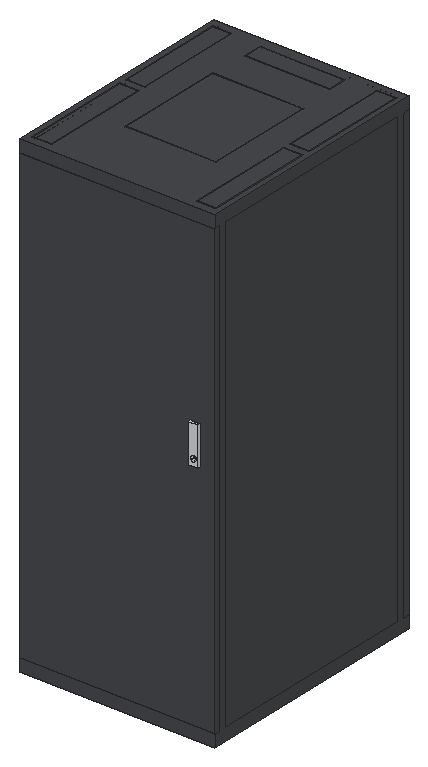
Revit family "Armario Linkeo DC anchura 800", category Equipement spécialisé, Revit 2020
Family settings
  Cote de connecteur circulaire = Utiliser le diamètre
  Type d'élément = Normal
  Basée sur le plan de construction = Non
  Toujours verticalement = Oui
  Couper avec des vides une fois chargée = Non
  Partagée = Oui
  Point de calcul de pièce = Non
Parameters (values of type "Armario Linkeo2 42U 800x1000")
  Clase de aplicación = "EC002499"
  Temperatura de almacenamiento = "-25°C à 70°C"
  E-catalogo enlace = "https://www.legrand.fr/reference/446802/pro"
  Altura = 2047.00 mm
  Modelo = "Estructura fija"
  Tipo de ventilación = "Passiva"
  Profundidad del modelo (mm) = 1000.00 mm
  Altura útil (mm) = 1881.00 mm
  Con puerta frontal = yes
  Número de puertas = "1"
  Numero RAL = "9005"
  Módulos de altura = 42
  Altura del modelo = 1965.00 mm
  Ubicación del rack = 93.00 mm
  Sistema de cierre de la puerta frontal = "Con tres puntos"
  Modelo de anchura = 800.00 mm
  Elévation par défaut = 0.00 mm
  Con conexión a tierra = yes
  Clase de protección IP = "IP20"
  Clase de protección IK = "IK02"
  Anchura útil (mm) = 890.00 mm
  Con techo en chapa = yes
  Anchura (mm) = 800.00 mm
  Máxima capacidad de carga = "1500"
  Número de pieza Legrand = "446802"
  Material de la puerta frontal = IDS_ACIER
  Distancia de la apertura 1 = 275.00 mm
  Material = "Acero"
  Tipo de montaje = "Antes y atrás"
  Profundidad = 1000.00 mm
  Temperatura operativa = "-25°C à 70°C"
  Función = "Servidores  Linkeo DC"
  Color = IDS_NOIR
  Tamaño modular = "19 pulgadas"
  Tratamiento de superficie = "Recubrimiento con polvo"
  Formulación BIM = "Armario Linkeo2 42U 800x1000 equipado"
Types (4, lengths in mm): name | E-catalogo enlace | Altura | Profundidad del modelo (mm) | Módulos de altura | Altura del modelo | Anchura útil (mm) | Número de pieza Legrand | Profundidad | Formulación BIM
  Armario Linkeo2 42U 800x1000 | "https://www.legrand.fr/reference/446802/pro" | 2047.00 | 1000.00 | 42 | 1965.00 | 890.00 | "446802" | 1000.00 | "Armario Linkeo2 42U 800x1000 equipado"
  Armario Linkeo2 42U 800x1200 | "https://www.legrand.fr/reference/446803/pro" | 2047.00 | 1200.00 | 42 | 1965.00 | 1090.00 | "446803" | 1200.00 | "Armario Linkeo2 42U 800x1200 equipado"
  Armario Linkeo2 47U 800x1000 | "https://www.legrand.fr/reference/446806/pro" | 2269.00 | 1000.00 | 47 | 2190.00 | 890.00 | "446806" | 1000.00 | "Armario Linkeo2 47U 800x1000 equipado"
  Armario Linkeo2 47U 800x1200 | "https://www.legrand.fr/reference/446807/pro" | 2269.00 | 1200.00 | 47 | 2190.00 | 1090.00 | "446807" | 1200.00 | "Armario Linkeo2 47U 800x1200 equipado"
Reference planes
  plane 1 "Centre (avant/arrière)": y = 106
  plane 2: z = 0
  plane 3: x = -100
  plane 4: x = 700
  plane 5: z = 1965
  plane 6: y = -894
  plane 7: x = 55
  plane 8: x = 545
  plane 9: x = 300
  plane 10: z = 1915
  plane 11: z = 50
  plane 12: z = 982.5
  plane 13: y = -892
  plane 14: x = 300
  plane 15: y = -444.5
  plane 16: y = 455.094
  plane 17: x = 1428.928
  plane 18: z = -485.313
  plane 19: x = 2466.566
  plane 20: z = 982.5
  plane 21: x = 300
  plane 22: x = 500
  plane 23: x = 100
  plane 24: x = 300
  plane 25: y = -801
  plane 26: x = 525
  plane 27: y = -799.5
  plane 28: x = 556.5
  plane 29: x = 558
  plane 30: y = -760.5
  plane 31: y = -759
  plane 32: x = 534.5
  plane 33: x = 536
  plane 34: z = 80
  plane 35: z = 89.5
  plane 36: x = 528.5
  plane 37: x = 538
  plane 38: z = 111.75
  plane 39: z = 121.25
  plane 40: y = -742.5
  plane 41: y = -752
  plane 42: z = 105.38
  plane 43: z = 95.88
  plane 44: x = 77
  plane 45: x = 67.5
  plane 46: x = 66
  plane 47: z = 55
  plane 48: z = 1930
  plane 49: z = 982.5
  plane 50: y = -894
  plane 51: y = 66
  plane 52: z = 35
  plane 53: y = -601
  plane 54 "Panneaux gauche": y = -797.5
  plane 55 "Panneaux droit": y = 62.5
  plane 56 "Panneaux haut": z = 1928
  plane 57: z = 1880
  plane 58: z = 1880
  plane 59: y = -367.5
  plane 60: x = 175
  plane 61: x = 425
  plane 62: y = 61
  plane 63: y = -19
  plane 64: x = 125
  plane 65: x = 475
  plane 66: y = -344.658
  plane 67: y = 102.842
  plane 68: y = -342.158
  plane 69: x = 127.5
  plane 70: y = 91.5
  plane 71: y = 7.5
  plane 72: x = 499.5
  plane 73: y = -619
  plane 74: y = -171.5
  plane 75: y = -616.5
  plane 76: x = -49
  plane 77: x = 41
  plane 78: y = -92
  plane 79: y = -496
  plane 80: y = -94.5
  plane 81: x = -46.5
  plane 82: x = 559
  plane 83: x = 649
  plane 84: x = 115
  plane 85: x = 485
  plane 86: x = 115
  plane 87: x = 485
  plane 88: y = -801
  plane 89: z = 124.45
  plane 90: x = 42
  plane 91: y = -493.5
  plane 92: x = 561.5
  plane 93: z = 1897
  plane 94: y = -394
  plane 95: y = 84.5
  plane 96: y = -872.5
  plane 97: x = 41
  plane 98: x = 559
  plane 99: x = 300
  plane 100: z = 1897
  plane 101: y = -694
  plane 102: z = 72
  plane 103: z = 1893
  plane 104: y = 82.5
  plane 105: y = -870.5
  plane 106: x = 38.5
  plane 107: x = 646.5
  plane 108: x = 678.5
  plane 109: x = -78.5
  plane 110: z = 1923
  plane 111: z = 42
  plane 112: z = 982.5
  plane 113: y = -394
  plane 114: y = 51
  plane 115: y = -839
  plane 116: y = -294
  plane 117: y = -394
  plane 118: y = -16.5
  plane 119: y = 58.5
  plane 120: x = 472.5
  plane 121: y = 23.5
  plane 122: y = 98.5
  plane 123: x = 438
  plane 124: x = 150
  plane 125: x = 450
  plane 126: x = 177.5
  plane 127: x = 422.5
  plane 128: y = -169
  plane 129: y = 105.342
  plane 130: x = 112.5
  plane 131: x = 487.5
  plane 132: x = 112.5
  plane 133: x = 487.5
  plane 134: x = 605
  plane 135: x = 641
  plane 136: z = 1175
  plane 137: z = 1015
  plane 138: x = 623
  plane 139: y = -870
  plane 140: y = -870
  plane 141: y = 82
  plane 142: y = -904
  plane 143: x = -5
  plane 144: x = -41
  plane 145: z = 1175
  plane 146: z = 1015
  plane 147: x = 77
  plane 148: z = 1854.5
  plane 149: z = 1854.5
  plane 150: z = 0
  plane 151: z = 46.5
  plane 152: x = -78
  plane 153: x = 2
  plane 154: y = -379
  plane 155: y = 71
  plane 156: y = -409
  plane 157: y = -859
  plane 158: x = 678
  plane 159: x = 598
  plane 160: y = -379
  plane 161: y = 71
  plane 162: y = -409
  plane 163: y = -859
Forms (mm)
  Extrusion 1, solid, material "IDS_NOIR" <- "Color"
    sketch origin (-100, 0, 0) x (0, 1, 0) y (0, 0, 1)
      loop
        line (-894, 0) -> (106, 0) -> (106, 1965) -> (-894, 1965) -> (-894, 0)
    from 0 to 800
  Extrusion 2, void
    sketch origin (-250, 82.5, 1200) x (1, 0, 0) y (0, 0, 1)
      loop
        line (185, 763) -> (185, -1198) -> (915, -1198) -> (915, 763) -> (185, 763)
    from 0 to 953
  Extrusion 3, void
    sketch origin (0, 106, 0) x (1, 0, 0) y (0, 0, 1)
      loop
        line (55, 1915) -> (55, 50) -> (545, 50) -> (545, 1915) -> (55, 1915)
    from 0 to 1000
  Extrusion 4, solid
    sketch origin (797, -894, 132.5) x (0, 0, 1) y (-1, 0, 0)
      loop
        line (1042.5, 192) -> (882.5, 192) -> (882.5, 156) -> (1042.5, 156) -> (1042.5, 192)
    from 0 to 10
  Extrusion 5, void
    sketch origin (797, -906.5, 132.5) x (0, 0, -1) y (-1, 0, 0)
      loop
        line (-906.261, 178.459) -> (-908.194, 180.391) -> (-918.8, 169.785) -> (-916.867, 167.852) -> (-906.261, 178.459)
    from 0 to 2
  Extrusion 6, void
    sketch origin (0, -23, 0) x (1, 0, 0) y (0, 1, 0)
      loop
        line (112.5, -596) -> (487.5, -596) -> (487.5, -146) -> (112.5, -146) -> (112.5, -596)
    from 1965 to 1927.5
  Extrusion 7, void
    sketch origin (-100, 106, 1965) x (1, 0, 0) y (0, -1, 0)
      loop
        line (225, 125) -> (225, 45) -> (575, 45) -> (575, 125) -> (225, 125)
    from 2 to 0
  Extrusion 8, solid, material "IDS_NOIR" <- "Color"
    sketch origin (-65.5, 106, 1965) x (0, -1, 0) y (1, 0, 0)
      loop
        line (47.5, 193) -> (122.5, 193) -> (122.5, 538) -> (47.5, 538) -> (47.5, 193)
    from 0 to -2
  Extrusion 9, solid, material "IDS_NOIR" <- "Color", not visible
    sketch origin (-100, 146, 850) x (0, -1, 0) y (1, 0, 0)
      loop
        line (47.5, 193) -> (122.5, 193) -> (122.5, 538) -> (47.5, 538) -> (47.5, 193)
    from 0 to -2
  Extrusion 10, solid, material "IDS_NOIR" <- "Color"
    sketch origin (-100, 106, 1965) x (0, -1, 0) y (1, 0, 0)
      loop
        line (277.5, 215) -> (722.5, 215) -> (722.5, 585) -> (277.5, 585) -> (277.5, 215)
    from -2 to 0
  Extrusion 11, void
    sketch origin (0, 106, 0) x (1, 0, 0) y (0, 0, 1)
      loop
        line (649, 1893) -> (-49, 1893) -> (-49, 72) -> (649, 72) -> (649, 1893)
    from 2 to 0
  Extrusion 12, void
    sketch origin (-100, 0, 0) x (0, 1, 0) y (0, 0, 1)
      loop
        line (51, 1915) -> (-839, 1915) -> (-839, 50) -> (51, 50) -> (51, 1915)
    from 0 to 21.5
  Extrusion 13, solid, material "IDS_NOIR" <- "Color"
    sketch origin (-100, 0, 0) x (0, 1, 0) y (0, 0, 1)
      loop
        line (51, 1915) -> (-839, 1915) -> (-839, 50) -> (51, 50) -> (51, 1915)
    from 0 to 21.5
  Extrusion 14, solid, material "IDS_NOIR" <- "Color"
    sketch origin (700, 0, 0) x (0, 1, 0) y (0, 0, 1)
      loop
        line (-839, 1915) -> (-839, 50) -> (51, 50) -> (51, 1915) -> (-839, 1915)
    from 0 to -21.5
  Extrusion 15, void
    sketch origin (700, 0, 0) x (0, -1, 0) y (0, 0, 1)
      loop
        line (839, 1915) -> (-51, 1915) -> (-51, 50) -> (839, 50) -> (839, 1915)
    from 0 to 21.5
  Extrusion 16, void
    sketch origin (-100, 0, 0) x (0, 1, 0) y (0, 0, 1)
      loop
        line (51, 1915) -> (-839, 1915) -> (-839, 50) -> (51, 50) -> (51, 1915)
    from 0 to 800
  Extrusion 17, void
    sketch origin (-100, -894, 0) x (1, 0, 0) y (0, -1, 0)
      loop
        line (275, -955) -> (525, -955) -> (525, -875) -> (275, -875) -> (275, -955)
    from -2 to 0
  Extrusion 18, solid, material "IDS_NOIR" <- "Color"
    sketch origin (-100, 106, 1965) x (0, -1, 0) y (1, 0, 0)
      loop
        line (122.5, 277.5) -> (122.5, 522.5) -> (47.5, 522.5) -> (47.5, 277.5) -> (122.5, 277.5)
    from -1965 to -1963
  Extrusion 19, solid
    sketch origin (797, -904, 132.5) x (0, 0, 1) y (-1, 0, 0)
      loop
        circle (912.5, 174) r 10
    from 0 to 2.5
  Extrusion 20, void
    sketch origin (700, 0, 0) x (0, -1, 0) y (0, 0, 1)
      loop
        line (894, 1915) -> (870, 1915) -> (870, 50) -> (894, 50) -> (894, 1915)
      loop
        line (-82, 1915) -> (-106, 1915) -> (-106, 50) -> (-82, 50) -> (-82, 1915)
    from 0 to 800
  Extrusion 21, solid, material "IDS_NOIR" <- "Color"
    sketch origin (700, 0, 0) x (0, 1, 0) y (0, 0, 1)
      loop
        line (-894, 1915) -> (-894, 50) -> (-870, 50) -> (-870, 1915) -> (-894, 1915)
      loop
        line (82.5, 1915) -> (82.5, 50) -> (106, 50) -> (106, 1915) -> (82.5, 1915)
    from -800 to 0
  Extrusion 22, solid
    sketch origin (600, 106, 1915) x (0, 0, -1) y (-1, 0, 0)
      loop
        line (740, 605) -> (900, 605) -> (900, 641) -> (740, 641) -> (740, 605)
    from 0 to 10
  Extrusion 23, solid
    sketch origin (600, 116, 1915) x (0, 0, -1) y (-1, 0, 0)
      loop
        circle (870, 623) r 10
    from 0 to 2.5
  Extrusion 24, void
    sketch origin (-545.581, 118.5, 2139.497) x (0, 0, 1) y (-1, 0, 0)
      loop
        line (-1099.92, -526.801) -> (-1097.728, -528.994) -> (-1087.121, -518.387) -> (-1089.314, -516.194) -> (-1099.92, -526.801)
    from 0 to 2
  Extrusion 25, void
    sketch origin (-100, 106, 1965) x (1, 0, 0) y (0, -1, 0)
      loop
        line (22, 515) -> (102, 515) -> (102, 965) -> (22, 965) -> (22, 515)
      loop
        line (22, 35) -> (102, 35) -> (102, 485) -> (22, 485) -> (22, 35)
      loop
        line (698, 965) -> (698, 515) -> (778, 515) -> (778, 965) -> (698, 965)
      loop
        line (778, 485) -> (698, 485) -> (698, 35) -> (778, 35) -> (778, 485)
    from 0 to 4
  Extrusion 26, solid, material "IDS_NOIR" <- "Color"
    sketch origin (-100, 106, 1965) x (0, -1, 0) y (1, 0, 0)
      loop
        line (962.5, 24.5) -> (962.5, 99.5) -> (517.5, 99.5) -> (517.5, 24.5) -> (962.5, 24.5)
      loop
        line (482.5, 24.5) -> (482.5, 99.5) -> (37.5, 99.5) -> (37.5, 24.5) -> (482.5, 24.5)
      loop
        line (962.5, 700.5) -> (962.5, 775.5) -> (517.5, 775.5) -> (517.5, 700.5) -> (962.5, 700.5)
      loop
        line (482.5, 700.5) -> (482.5, 775.5) -> (37.5, 775.5) -> (37.5, 700.5) -> (482.5, 700.5)
    from 0 to -2
Cuts and joins
  Extrusion 2, Extrusion 3, Extrusion 6, Extrusion 7, Extrusion 11, Extrusion 12, Extrusion 15, Extrusion 16, Extrusion 17, Extrusion 20, Extrusion 25 cuts Extrusion 1
  Extrusion 5 cuts Extrusion 4
  Extrusion 20 cuts Extrusion 14
  Extrusion 5 cuts Extrusion 19
  Extrusion 24 cuts Extrusion 23
Lines and regions (mm)
  model lines, not visible
    curve 1: line (488, 106, 982.5) -> (510, 106, 982.5)
    curve 2: line (604, -355.5, 1880) -> (604, -367.5, 1880)
Dimensions and locks
  "Modelo de anchura": plane 4 to plane 3
  "Altura del modelo": plane 5 to level
  "Profundidad del modelo (mm)": plane 6 to plane 1 "Centre (avant/arrière)"
  locked: plane 7 to plane 8 at 490
  equal spacing: plane 7, plane 9, plane 8
  equal spacing: plane 4, plane 9, plane 3
  equal spacing: plane 5, plane 12, level
  equal spacing: plane 10, plane 12, plane 11
  Extrusion 2 sketch curve to plane 3 = 35.00 mm
  Extrusion 2 sketch curve to plane 4 = 35.00 mm
  locked: Extrusion 2 sketch curve to level at 2
  locked: plane 5 to Extrusion 2 sketch curve at 2
  locked: plane 6 to plane 13 at 2
  cut or joined group 1 (Extrusion 1, Extrusion 2, Extrusion 3, Extrusion 6, Extrusion 7, Extrusion 11, Extrusion 12, Extrusion 15, Extrusion 16, Extrusion 17, Extrusion 20, Extrusion 25) to plane 1 "Centre (avant/arrière)" = 23.50 mm
  equal spacing: plane 3, plane 14, plane 4
  equal spacing: plane 23, plane 24, plane 22
  "Ubicación del rack": plane 25 to plane 6
  locked: plane 27 to plane 25 at 1.5
  locked: plane 28 to plane 29 at 1.5
  locked: plane 30 to plane 31 at 1.5
  locked: plane 32 to plane 33 at 1.5
  plane 29 to cut or joined group 1 = 107.00 mm
  locked: plane 26 to plane 28 at 31.5
  locked: plane 31 to plane 25 at 42
  locked: plane 32 to plane 29 at 23.5
  locked: plane 34 to level at 80
  locked: plane 35 to plane 34 at 9.5
  locked: plane 36 to plane 37 at 9.5
  locked: plane 26 to plane 36 at 3.5
  locked: plane 39 to plane 38 at 9.5
  locked: plane 38 to plane 34 at 31.75
  plane 41 to plane 40 = 9.50 mm
  locked: plane 42 to plane 43 at 9.5
  plane 43 to plane 35 = 6.38 mm
  locked: plane 45 to plane 46 at 1.5
  locked: plane 47 to plane 11 at 5
  plane 5 to plane 48 to plane 10 = 35.00 mm, 15.00 mm
  locked: plane 51 to plane 1 "Centre (avant/arrière)" at 40
  locked: plane 52 to level at 35
  locked: plane 48 to plane 5 at 35
  locked: plane 25 to plane 54 "Panneaux gauche" at 3.5
  locked: plane 55 "Panneaux droit" to plane 51 at 3.5
  locked: plane 56 "Panneaux haut" to plane 48 at 2
  plane 57 to plane 5 = 85.00 mm
  locked: plane 5 to plane 58 at 85
  plane 54 "Panneaux gauche" to plane 55 "Panneaux droit" = 860.00 mm
  equal spacing: plane 54 "Panneaux gauche", plane 59, plane 55 "Panneaux droit"
  plane 64 to plane 65 = 350.00 mm
  locked: plane 78 to plane 79 at 404
  locked: plane 76 to plane 77 at 90
  locked: plane 78 to plane 80 at 2.5
  locked: plane 76 to plane 81 at 2.5
  locked: plane 3 to plane 76 at 51
  locked: plane 82 to plane 83 at 90
  plane 83 to plane 4 = 51.00 mm
  locked: plane 89 to plane 34 at 44.45
  equal spacing: plane 90, plane 24, plane 29
  locked: plane 90 to plane 29 at 516
  plane 1 "Centre (avant/arrière)" to plane 62 = 45.00 mm
  cut or joined group 1 to plane 63 = 80.00 mm
  plane 91 to plane 79 = 2.50 mm
  plane 5 to plane 93 = 68.00 mm
  equal spacing: plane 95, plane 94, plane 96
  equal spacing: plane 1 "Centre (avant/arrière)", plane 94, plane 6
  equal spacing: plane 97, plane 99, plane 98, locked at 259 each
  equal spacing: Extrusion 12 sketch curve, plane 94, Extrusion 12 sketch curve
  "Anchura útil (mm)": Extrusion 12 sketch curve to Extrusion 12 sketch curve
  locked: plane 102 to level at 72
  plane 5 to plane 103 = 72.00 mm
  locked: plane 1 "Centre (avant/arrière)" to plane 104 at 23.5
  locked: plane 50 to plane 105 at 23.5
  locked: plane 106 to plane 77 at 2.5
  locked: plane 107 to plane 83 at 2.5
  locked: plane 108 to plane 4 at 21.5
  locked: plane 3 to plane 109 at 21.5
  equal spacing: plane 110, plane 112, plane 111
  "Altura útil (mm)": plane 110 to plane 111
  equal spacing: plane 114, plane 113, plane 115
  "Anchura útil (mm)": plane 114 to plane 115
  equal spacing: plane 1 "Centre (avant/arrière)", plane 116, plane 101
  equal spacing: plane 50, plane 117, plane 1 "Centre (avant/arrière)"
  locked: plane 11 to level at 50
  plane 5 to level = 1965.00 mm
  plane 6 to plane 1 "Centre (avant/arrière)" = 1000.00 mm
  equal spacing: plane 124, plane 24, plane 125
  locked: plane 124 to plane 125 at 300
  plane 130 to plane 131 = 375.00 mm
  "Distancia de la apertura 1": cut or joined group 1 to plane 1 "Centre (avant/arrière)"
  locked: plane 135 to plane 134 at 36
  locked: plane 136 to plane 137 at 160
  cut or joined group 1 to plane 139 = 24.00 mm
  plane 6 to plane 140 = 24.00 mm
  plane 141 to plane 1 "Centre (avant/arrière)" = 24.00 mm
  locked: plane 142 to plane 6 at 10
  plane 136 to plane 137 = 160.00 mm
  equal spacing: cut or joined group of Extrusion 4, Extrusion 5, plane 138, cut or joined group of Extrusion 4, Extrusion 5
  Extrusion 19 sketch curve to cut or joined group of Extrusion 4, Extrusion 5 = 30.00 mm
  locked: plane 144 to plane 143 at 36
  locked: plane 145 to plane 146 at 160
  plane 145 to plane 146 = 160.00 mm
  Extrusion 22 to Extrusion 23 sketch curve = 30.00 mm
  locked: plane 5 to plane 148 at 110.5
  locked: plane 152 to plane 153 at 80
  locked: plane 155 to plane 154 at 450
  locked: plane 1 "Centre (avant/arrière)" to plane 155 at 35
  locked: plane 158 to plane 159 at 80
  locked: plane 161 to plane 160 at 450
  plane 3 to plane 152 = 22.00 mm
  plane 158 to plane 4 = 22.00 mm
  locked: cut or joined group 1 to Extrusion 26 sketch curve at 2.5  (x2)
  locked: Extrusion 26 sketch curve to plane 153 at 2.5  (x2)
  locked: Extrusion 26 sketch curve to plane 156 at 2.5
  locked: Extrusion 26 sketch curve to plane 154 at 2.5
  locked: plane 152 to Extrusion 26 sketch curve at 2.5
  locked: plane 155 to Extrusion 26 sketch curve at 2.5
  locked: Extrusion 26 sketch curve to plane 163 at 2.5
  locked: plane 159 to Extrusion 26 sketch curve at 2.5  (x2)
  locked: Extrusion 26 sketch curve to plane 158 at 2.5  (x2)
  locked: plane 162 to Extrusion 26 sketch curve at 2.5
  locked: Extrusion 26 sketch curve to plane 160 at 2.5
  locked: plane 161 to Extrusion 26 sketch curve at 2.5
  aligned and locked: level to plane 2
  aligned and locked: Extrusion 1 sketch curve to level
  aligned and locked: Extrusion 1 sketch curve to plane 6
  aligned and locked: plane 5 to Extrusion 1 sketch curve
  aligned and locked: Extrusion 1 sketch curve to plane 1 "Centre (avant/arrière)"
  aligned and locked: Extrusion 1 to plane 4
  aligned and locked: Extrusion 1 to plane 3
  aligned and locked: Extrusion 3 sketch curve to plane 10
  aligned and locked: Extrusion 3 sketch curve to plane 7
  aligned and locked: plane 11 to Extrusion 3 sketch curve
  aligned and locked: Extrusion 3 sketch curve to plane 8
  aligned and locked: Extrusion 1 to Extrusion 3  (x2)
  aligned and locked: plane 24 to plane 9
  aligned and locked: plane 20 to plane 12
  aligned and locked: plane 49 to plane 20
  aligned and locked: plane 6 to plane 50
  aligned and locked: Extrusion 7 sketch curve to plane 64
  aligned and locked: plane 65 to Extrusion 7 sketch curve
  aligned and locked: Extrusion 1 to Extrusion 7
  aligned and locked: Extrusion 10 to cut or joined group 1
  aligned and locked: plane 5 to Extrusion 10
  aligned and locked: plane 83 to Extrusion 11 sketch curve
  aligned and locked: plane 76 to Extrusion 11 sketch curve
  aligned and locked: Extrusion 11 to Extrusion 1
  aligned and locked: plane 88 to plane 25
  aligned and locked: Extrusion 7 sketch curve to plane 62
  aligned and locked: Extrusion 7 sketch curve to plane 63
  aligned and locked: Extrusion 1 to Extrusion 6
  aligned and locked: plane 99 to plane 14
  aligned and locked: plane 100 to plane 93
  aligned and locked: plane 103 to Extrusion 11 sketch curve
  aligned and locked: Extrusion 11 sketch curve to plane 102
  aligned and locked: cut or joined group 1 to Extrusion 13 sketch curve  (x2)
  aligned and locked: Extrusion 14 sketch curve to cut or joined group 1  (x4)
  aligned and locked: plane 104 to Extrusion 2
  aligned and locked: Extrusion 2 to plane 105
  aligned and locked: Extrusion 14 to plane 108
  aligned and locked: Extrusion 13 to plane 109
  aligned and locked: Extrusion 12 to Extrusion 13
  aligned and locked: Extrusion 15 sketch curve to Extrusion 14  (x2)
  aligned and locked: Extrusion 15 sketch curve to cut or joined group 1  (x2)
  aligned and locked: Extrusion 15 to Extrusion 14
  aligned and locked: plane 12 to plane 112
  aligned and locked: Extrusion 16 sketch curve to plane 11
  aligned and locked: Extrusion 16 sketch curve to plane 115
  aligned and locked: plane 114 to Extrusion 16 sketch curve
  aligned and locked: plane 10 to Extrusion 16 sketch curve
  aligned and locked: Extrusion 16 to plane 4
  aligned and locked: plane 94 to plane 113
  aligned and locked: Extrusion 7 to Extrusion 2
  aligned and locked: plane 69 to Extrusion 8
  aligned and locked: Extrusion 17 sketch curve to plane 62
  aligned and locked: plane 63 to Extrusion 17 sketch curve
  aligned and locked: Extrusion 17 to cut or joined group 1
  aligned and locked: Extrusion 17 to level
  aligned and locked: Extrusion 18 sketch curve to plane 118
  aligned and locked: Extrusion 18 sketch curve to plane 126
  aligned and locked: plane 119 to Extrusion 18 sketch curve
  aligned and locked: Extrusion 18 sketch curve to plane 127
  aligned and locked: Extrusion 18 to cut or joined group 1
  aligned and locked: Extrusion 18 to level
  aligned and locked: Extrusion 17 sketch curve to plane 60
  aligned and locked: Extrusion 17 sketch curve to plane 61
  aligned and locked: Extrusion 7 to Extrusion 8
  aligned and locked: Extrusion 6 sketch curve to plane 73
  aligned and locked: Extrusion 6 sketch curve to plane 130
  aligned and locked: Extrusion 6 sketch curve to plane 128
  aligned and locked: Extrusion 6 sketch curve to plane 131
  aligned and locked: Extrusion 10 sketch curve to plane 74
  aligned and locked: Extrusion 10 sketch curve to plane 84
  aligned and locked: plane 75 to Extrusion 10 sketch curve
  aligned and locked: Extrusion 10 sketch curve to plane 85
  aligned and locked: plane 10 to Extrusion 13 sketch curve
  aligned and locked: Extrusion 13 sketch curve to plane 11
  aligned and locked: Extrusion 12 sketch curve to plane 11
  aligned and locked: plane 10 to Extrusion 12 sketch curve
  aligned and locked: plane 134 to Extrusion 4 sketch curve
  aligned and locked: Extrusion 4 sketch curve to plane 135
  aligned and locked: Extrusion 19 to cut or joined group of Extrusion 4, Extrusion 5
  aligned and locked: Extrusion 19 to Extrusion 5
  aligned and locked: cut or joined group 1 to Extrusion 20 sketch curve
  aligned and locked: plane 10 to Extrusion 20 sketch curve  (x2)
  aligned and locked: plane 6 to Extrusion 20 sketch curve
  aligned and locked: plane 140 to Extrusion 20
  aligned and locked: plane 141 to Extrusion 20 sketch curve
  aligned and locked: Extrusion 20 sketch curve to plane 1 "Centre (avant/arrière)"
  aligned and locked: Extrusion 20 sketch curve to plane 11
  aligned and locked: Extrusion 21 sketch curve to plane 140
  aligned and locked: Extrusion 21 sketch curve to plane 6
  aligned and locked: plane 11 to Extrusion 21 sketch curve  (x2)
  aligned and locked: Extrusion 21 sketch curve to plane 10  (x2)
  aligned and locked: Extrusion 21 to plane 3
  aligned and locked: Extrusion 21 to plane 4
  aligned and locked: plane 1 "Centre (avant/arrière)" to Extrusion 21 sketch curve
  aligned and locked: plane 104 to Extrusion 21 sketch curve
  aligned and locked: Extrusion 4 to plane 6
  aligned and locked: cut or joined group of Extrusion 4, Extrusion 5 to plane 142
  aligned and locked: plane 137 to Extrusion 4 sketch curve
  aligned and locked: Extrusion 4 sketch curve to plane 136
  aligned and locked: plane 143 to Extrusion 22 sketch curve
  aligned and locked: Extrusion 22 sketch curve to plane 144
  aligned and locked: plane 146 to Extrusion 22 sketch curve
  aligned and locked: Extrusion 22 sketch curve to plane 145
  aligned and locked: plane 149 to plane 148
  aligned and locked: Extrusion 8 to plane 118
  aligned and locked: plane 119 to Extrusion 8
  aligned and locked: Extrusion 9 to plane 121
  aligned and locked: plane 122 to Extrusion 9
  aligned and locked: Extrusion 8 to plane 120
  aligned and locked: Extrusion 9 to plane 123
  aligned and locked: Extrusion 1 to Extrusion 20
  aligned and locked: plane 153 to Extrusion 25 sketch curve  (x2)
  aligned and locked: Extrusion 25 sketch curve to plane 155
  aligned and locked: Extrusion 25 sketch curve to plane 152
  aligned and locked: Extrusion 25 sketch curve to plane 154
  aligned and locked: Extrusion 25 sketch curve to plane 156
  aligned and locked: Extrusion 25 sketch curve to plane 157
  aligned and locked: plane 152 to Extrusion 25 sketch curve
  aligned and locked: Extrusion 25 sketch curve to plane 159  (x2)
  aligned and locked: Extrusion 25 sketch curve to plane 163
  aligned and locked: Extrusion 25 sketch curve to plane 158  (x2)
  aligned and locked: Extrusion 25 sketch curve to plane 162
  aligned and locked: Extrusion 25 sketch curve to plane 160
  aligned and locked: Extrusion 25 sketch curve to plane 161
  aligned and locked: Extrusion 26 to cut or joined group 1
Automatic sketch dimensions
  curve 2 to curve 2 = 12.00 mm
  Extrusion 8 sketch curve to Extrusion 8 sketch curve = 75.00 mm
  Extrusion 8 sketch curve to Extrusion 8 sketch curve = 345.00 mm
  Extrusion 9 sketch curve to Extrusion 9 sketch curve = 75.00 mm
  Extrusion 9 sketch curve to Extrusion 9 sketch curve = 345.00 mm
  curve 1 to plane 12 = 0.00 mm
  curve 1 to plane 131 = 0.50 mm
  curve 1 to plane 22 = 10.00 mm
  curve 2 to plane 57 = 0.00 mm
  curve 2 to plane 59 = 0.00 mm
  plane 59 to curve 2 = 12.00 mm
  Extrusion 24 sketch curve to Extrusion 24 sketch curve = 2.193 mm  (x2)
  Extrusion 24 sketch curve to Extrusion 24 sketch curve = 10.607 mm
  Extrusion 5 sketch curve to Extrusion 5 sketch curve = 1.933 mm  (x2)
  Extrusion 5 sketch curve to Extrusion 5 sketch curve = 10.607 mm
  Extrusion 19 sketch curve to Extrusion 4 = 18.00 mm
  Extrusion 20 sketch curve to Extrusion 20 sketch curve = 24.00 mm
  Extrusion 23 sketch curve to Extrusion 22 = 18.00 mm
  radius of Extrusion 19 sketch curve = 10.00 mm
  radius of Extrusion 23 sketch curve = 10.00 mm
